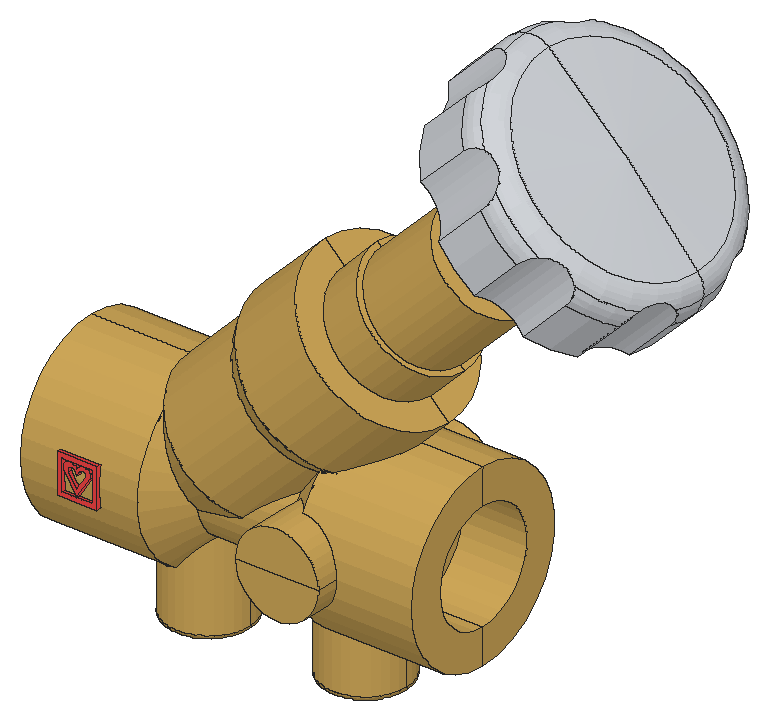
Revit family "Absperrventil 4125 D", category Rohrzubehör, Revit 2020
Family settings
  Bemaßung runder Anschluss = Durchmesser verwenden
  Teiletyp = Unterbricht
  OmniClass-Nummer = 23.65.55.14
  OmniClass-Titel = Valves for Liquid Services
  Arbeitsebenenbasiert = Nein
  Immer vertikal = Ja
  Beim Laden mit Abzugskörper schneiden = Nein
  Gemeinsam genutzt = Nein
Parameters
  W01 = 45.00°  # constant formula
  Vorgabe-Ansicht = 0.000 mm
  URL = "www.herz-armaturen.at"
  Spindel = "Messing CW617N\r"  # constant formula
  SW01 = 60.00°  # constant formula
  SCRNSEQ = "ARM;ARM_TYP=\"ABSV\";2"
  SCRNCODE = "05;07;02"  # constant formula
  S03 = 60.000 mm  # constant formula
  S02 [instance] = L06 + L09 + L12 + L15  # 113.800 mm
  S01 [instance] = R01 * 2  # 41.000 mm
  R12 [instance] = R01 - 1.000 mm  # 19.500 mm
  R11 [instance] = size_lookup("4125D_", "R11", 1.000 mm, Nennweite)  # 6.000 mm
  R100 = 1.000 mm  # constant formula
  R10 [instance] = size_lookup("4125D_", "R10", 1.000 mm, Nennweite)  # 9.000 mm
  R09 [instance] = size_lookup("4125D_", "R9", 1.000 mm, Nennweite)  # 12.750 mm
  R08 [instance] = size_lookup("4125D_", "R8", 1.000 mm, Nennweite)  # 14.000 mm
  R07 [instance] = size_lookup("4125D_", "R7", 1.000 mm, Nennweite)  # 20.000 mm
  R06 [instance] = size_lookup("4125D_", "R6", 1.000 mm, Nennweite)  # 17.750 mm
  R05 [instance] = Nennweite / 2  # 12.500 mm
  R04 [instance] = size_lookup("4125D_", "R4", 1.000 mm, Nennweite)  # 9.500 mm
  R03 = 9.500 mm  # constant formula
  R02 [instance] = Nennweite / 2  # 12.500 mm
  R01 [instance] = size_lookup("4125D_", "R1", 1.000 mm, Nennweite)  # 20.500 mm
  Oberteil = "entzinkungsbeständiges Messing CW602N"  # constant formula
  Nennweite [instance] = 25.000 mm
  Medium = "Heizungswasser nach ÖNORM H5195 oder VDI- Richtlinie 2035.\r\nDie Verwendung von Ethylen- oder Propyleneglykol in einem Mischungsverhältnis 25- 50% ist zulässig.\r\nEPDM-Dichtungen können durch Mineralöle und Schmiermittel beeinflusst werden, was zum Versagen der EPDM-Dichtungen führen kann."
  Max.Differenzdruck bei geschlossenen Sitz = 1000000.0 Pa  # constant formula
  Max.Betriebstemperatur = 110 °C  # constant formula
  Max.Betriebsdruck = 2000000.0 Pa  # constant formula
  L16 [instance] = L01 / 2  # 13.500 mm
  L15 [instance] = size_lookup("4125D_", "L15", 1.000 mm, Nennweite)  # 12.400 mm
  L14 [instance] = size_lookup("4125D_", "L14", 1.000 mm, Nennweite)  # 12.000 mm
  L12 [instance] = size_lookup("4125D_", "L12", 1.000 mm, Nennweite)  # 43.400 mm
  L11 [instance] = size_lookup("4125D_", "L11", 1.000 mm, Nennweite)  # 22.400 mm
  L10 [instance] = size_lookup("4125D_", "L10", 1.000 mm, Nennweite)  # 11.000 mm
  L09 [instance] = size_lookup("4125D_", "L9", 1.000 mm, Nennweite)  # 19.500 mm
  L08 [instance] = size_lookup("4125D_", "L8", 1.000 mm, Nennweite)  # 34.000 mm
  L07 [instance] = size_lookup("4125D_", "L7", 1.000 mm, Nennweite)  # 18.000 mm
  L06 [instance] = size_lookup("4125D_", "L6", 1.000 mm, Nennweite) - L09  # 38.500 mm
  L05 [instance] = size_lookup("4125D_", "L5", 1.000 mm, Nennweite)  # 25.500 mm
  L04 [instance] = size_lookup("4125D_", "L4", 1.000 mm, Nennweite)  # 25.500 mm
  L03 = 15.000 mm  # constant formula
  L02 [instance] = size_lookup("4125D_", "L2", 1.000 mm, Nennweite)  # 11.000 mm
  L01 [instance] = size_lookup("4125D_", "L1", 1.000 mm, Nennweite)  # 27.000 mm
  L00 [instance] = size_lookup("4125D_", "L", 1.000 mm, Nennweite)  # 90.000 mm
  Kegel = "entzinkungsbeständiges Messing CW602N"  # constant formula
  Hersteller = "HERZ Armaturen Ges.m.b.H."  # constant formula
  Handrad = "Polyamide"  # constant formula
  H01 [instance] = size_lookup("4125D_", "H1", 1.000 mm, Nennweite)  # 32.000 mm
  Gehäuse = "entzinkungsbeständiges Gussmessing CC752S"  # constant formula
  Dichtungen = "EPDM"  # constant formula
  DN80 [instance] = Nennweite = 80.000 mm  # no
  DN65 [instance] = Nennweite = 65.000 mm  # no
  DN50 [instance] = Nennweite = 50.000 mm  # no
  DN40 [instance] = Nennweite = 40.000 mm  # no
  DN32 [instance] = Nennweite = 32.000 mm  # no
  DN25-DN80 [instance] = or(Nennweite = 25.000 mm, Nennweite = 32.000 mm, Nennweite = 40.000 mm, Nennweite = 50.000 mm, Nennweite = 65.000 mm, Nennweite = 80.000 mm)  # yes
  DN25 [instance] = Nennweite = 25.000 mm  # yes
  DN20 [instance] = Nennweite = 20.000 mm  # no
  DN15 [instance] = Nennweite = 15.000 mm  # no
  Bestellnummer [instance] = size_lookup("4125D_", "Artnr", 0, Nennweite)  # 1412563
  Ausführung = "STRÖMAX-D-Absperrventile in Schrägsitzform, gelbe Ausführung,\r\nMuffe x Muffe, mit langen Gewindemuffen, nichtsteigender Spindel,\r\nSpindelabdichtung durch elastischen Doppel-O-Ring."
  Anwendungsgebiet = "Zuverlässiges Absperren von Leitungen in Heiz- und Kühlanalgen."
Reference planes
  plane 1 "Mitte (Vorne/hinten)": y = 0
  plane 2: z = 0
  plane 3 "Mitte (Links/rechts)": x = 0
Forms (mm)
  Revolve 1, solid, material "Messing, weicher Gelbton, geschweißt", detail levels fine
    sketch origin (470, 0, 0) x (1, 0, 0) y (0, 0, 1)
      loop
        line (-515, 12.5) -> (-500, 12.5) -> (-500, 0) -> (-440, 0) -> (-440, 12.5) -> (-425, 12.5) -> (-425, 20.5) -> (-452, 20.5) -> (-459, 12.5) -> (-481, 12.5) -> (-488, 20.5) -> (-515, 20.5) -> (-515, 12.5)
      axis (-515, 0) -> (-425, 0)
    angle from 0 to 360
  Revolve 2, solid, material "Messing, weicher Gelbton, geschweißt", detail levels fine
    sketch origin (470, 0, 0) x (1, 0, 0) y (0, 0, 1)
      loop
        line (-497.5, 0) -> (-497.5, -31)
        arc (-497.5, -31) -> (-497.207, -31.707) -> (-496.5, -32) r 1
        line (-496.5, -32) -> (-488, -32) -> (-488, 0) -> (-497.5, 0)
      axis (-488, 0) -> (-488, -32)
    angle from 0 to 360
  Revolve 3, solid, material "Messing, weicher Gelbton, geschweißt", detail levels fine
    sketch origin (0, 0, 0) x (1, 0, 0) y (0, 1, 0)
      loop
        line (18, -25.5) -> (27.5, -25.5) -> (27.5, 25.5) -> (18, 25.5) -> (18, -25.5)
      axis (18, -25.5) -> (18, 25.5)
    angle from 0 to 360
  Revolve 4, solid, material "Messing, weicher Gelbton, geschweißt", visible <- "DN25-DN80", detail levels fine
    sketch origin (-470, 0, 0) x (-1, 0, 0) y (0, 0, 1)
      loop
        line (-497.5, 0) -> (-497.5, -31)
        arc (-497.5, -31) -> (-497.207, -31.707) -> (-496.5, -32) r 1
        line (-496.5, -32) -> (-488, -32) -> (-488, 0) -> (-497.5, 0)
      axis (-488, 0) -> (-488, -32)
    angle from 0 to 360
  Revolve 5, solid, material "Messing, weicher Gelbton, geschweißt", detail levels fine
    sketch origin (0.32, 0, -0.105) x (1, 0, 0) y (0, 0, 1)
      loop
        line (-18.32, 0) -> (62.149, 80.469) -> (57.906, 84.711) -> (49.138, 75.943) -> (47.017, 78.065) -> (39.946, 70.994) -> (37.294, 73.645) -> (21.455, 57.806) -> (20.571, 58.69) -> (12.793, 50.912) -> (8.55, 55.154) -> (-5.239, 41.366) -> (-6.83, 36.593) -> (-22.386, 21.036) -> (-27.159, 8.839) -> (-18.32, 0)
      axis (-18.32, 0) -> (62.149, 80.469)
    angle from 0 to 360
Lines and regions (mm)
  model lines, detail levels coarse+medium
    curve 1: line (-45, 0, 20.5) -> (-45, 0, -20.5)
    curve 2: line (-45, 0, -20.5) -> (45, 0, 20.5)
    curve 3: line (45, 0, 20.5) -> (45, 0, -20.5)
    curve 4: line (45, 0, -20.5) -> (-45, 0, 20.5)
    curve 5: line (0, 0, 0) -> (56.9, 0, 98.554)
    curve 6: line (30.919, 0, 113.554) -> (82.881, 0, 83.554)
    curve 7: line (-45, -20.5, 0) -> (-45, 20.5, 0)
    curve 8: line (-45, 20.5, 0) -> (45, -20.5, 0)
    curve 9: line (45, -20.5, 0) -> (45, 20.5, 0)
    curve 10: line (45, 20.5, 0) -> (-45, -20.5, 0)
    curve 11: line (0, 0, 0) -> (56.9, 98.554, 0)
    curve 12: line (30.919, 113.554, 0) -> (82.881, 83.554, 0)
Dimensions and locks
  "H01": plane 2 to Revolve 2 sketch curve
  "L00": Revolve 1 sketch curve to Revolve 1 sketch curve
  equal spacing: Revolve 1 sketch curve, plane 3 "Mitte (Links/rechts)", Revolve 1 sketch curve
  "R01": Revolve 1 sketch curve to Revolve 1 sketch curve  (x2)
  "R02": Revolve 1 sketch curve to Revolve 1 sketch curve  (x3)
  "L01": Revolve 1 sketch curve to Revolve 1 sketch curve  (x2)
  "L02": plane 3 "Mitte (Links/rechts)" to Revolve 1 sketch curve
  "L02": Revolve 1 sketch curve to plane 3 "Mitte (Links/rechts)"
  "L03": Revolve 1 sketch curve to Revolve 1 sketch curve  (x2)
  "L01": Revolve 1 to Revolve 2 sketch curve
  "R03": Revolve 2 sketch curve to Revolve 2 sketch curve
  "L01": Revolve 4 sketch curve to Revolve 1
  "R03": Revolve 4 sketch curve to Revolve 4 sketch curve
  "H01": plane 2 to Revolve 4 sketch curve
  "L04": Revolve 3 sketch curve to plane 1 "Mitte (Vorne/hinten)"
  "L05": plane 1 "Mitte (Vorne/hinten)" to Revolve 3 sketch curve
  "R04": Revolve 3 sketch curve to Revolve 3 sketch curve
  "L01": Revolve 3 sketch curve to Revolve 1
  "R07": Revolve 5 sketch curve to Revolve 5 sketch curve
  "L07": plane 3 "Mitte (Links/rechts)" to Revolve 5 sketch curve
  "R05": Revolve 5 sketch curve to Revolve 5 sketch curve
  "L06": Revolve 5 sketch curve to Revolve 5 sketch curve
  "L08": Revolve 5 sketch curve to Revolve 5 sketch curve
  "R06": Revolve 5 sketch curve to Revolve 5 sketch curve
  "L14": Revolve 5 sketch curve to Revolve 5 sketch curve
  "L09": Revolve 5 sketch curve to Revolve 5 sketch curve
  "R08": Revolve 5 sketch curve to Revolve 5 sketch curve
  "L10": Revolve 5 sketch curve to Revolve 5 sketch curve
  "R09": Revolve 5 sketch curve to Revolve 5 sketch curve
  "R10": Revolve 5 sketch curve to Revolve 5 sketch curve
  "L12": Revolve 5 sketch curve to Revolve 5 sketch curve
  "R11": Revolve 5 sketch curve to Revolve 5 sketch curve
  "L15": Revolve 5 sketch curve to Revolve 5 sketch curve
  "L11": Revolve 5 sketch curve to Revolve 5 sketch curve
  "R12": nested 9 to plane 1 "Mitte (Vorne/hinten)"
  "L16": Revolve 1 to nested 9
  equal spacing: curve 1, plane 3 "Mitte (Links/rechts)", curve 3
  "L00": curve 1 to curve 3
  equal spacing: curve 4, plane 2, curve 2
  "S01": curve 4 to curve 1
  "S01": curve 3 to curve 4
  equal spacing: curve 3, plane 2, curve 4
  "S02": curve 5 to curve 5
  equal spacing: curve 6, curve 5, curve 6
  "S03": curve 6 to curve 6
  equal spacing: curve 7, plane 3 "Mitte (Links/rechts)", curve 9
  "L00": curve 7 to curve 9
  equal spacing: curve 10, plane 1 "Mitte (Vorne/hinten)", curve 8
  "S01": curve 8 to curve 10
  equal spacing: curve 9, plane 1 "Mitte (Vorne/hinten)", curve 10
  "S01": curve 10 to curve 9
  "S02": curve 11 to curve 11
  equal spacing: curve 12, curve 11, curve 12
  "S03": curve 12 to curve 12
  "R100": radius of Revolve 2 sketch curve
  "R100": radius of Revolve 4 sketch curve
  "W01": angle plane 2 to Revolve 5 sketch curve
  "W01": angle level to Revolve 5 sketch curve
  "SW01": angle plane 2 to curve 5
  "SW01": angle plane 1 "Mitte (Vorne/hinten)" to curve 11
  aligned and locked: level to plane 2
Automatic sketch dimensions
  curve 5 to level = 0.000 mm
  plane 1 "Mitte (Vorne/hinten)" to curve 11 = 0.000 mm
  Revolve 1 sketch curve to level = 0.000 mm  (x2)
  Revolve 1 sketch curve to Revolve 1 sketch curve = 791.990 mm
  Revolve 1 sketch curve to Revolve 1 sketch curve = 2278.983 mm
  Revolve 2 sketch curve to level = 0.000 mm  (x2)
  Revolve 2 sketch curve to Revolve 2 sketch curve = 0.000 mm
  Revolve 2 sketch curve to Revolve 2 sketch curve = 0.292 mm
  Revolve 3 sketch curve to Revolve 3 sketch curve = 0.000 mm  (x3)
  Revolve 4 sketch curve to level = 0.000 mm  (x2)
  Revolve 4 sketch curve to Revolve 4 sketch curve = 0.000 mm
  Revolve 4 sketch curve to Revolve 4 sketch curve = 0.292 mm
  Revolve 5 sketch curve to level = 0.105 mm
  Revolve 5 sketch curve to Revolve 5 sketch curve = 0.000 mm  (x2)
Nested families
  nested 1: "Strömax-Handrad_Schrägsitz" at (42.584, 0, 54.979), visible <- "DN15", type "Strömax-Handrad_Schrägsitz", detail levels fine
    with Nennweite 0.000 mm, Gewicht 0.00 kg, Bestellnummer 0
  nested 2: "Strömax-Handrad_Schrägsitz" at (54.312, 0, 67.707), visible <- "DN20", type "Strömax-Handrad_Schrägsitz", detail levels fine
    with Nennweite 0.000 mm, Gewicht 0.00 kg, Bestellnummer 0
  nested 3: "Strömax-Handrad_Schrägsitz" at (62.469, 0, 80.364), visible <- "DN25", type "Strömax-Handrad_Schrägsitz", detail levels fine
    with Nennweite 0.000 mm, Gewicht 0.00 kg, Bestellnummer 0
  nested 4: "Strömax-Handrad_Schrägsitz" at (71.712, 0, 91.607), visible <- "DN32", type "Strömax-Handrad_Schrägsitz", detail levels fine
    with Nennweite 0.000 mm, Gewicht 0.00 kg, Bestellnummer 0
  nested 5: "Strömax-Handrad_Schrägsitz" at (80.399, 0, 101.294), visible <- "DN40", type "Strömax-Handrad_Schrägsitz", detail levels fine
    with Nennweite 0.000 mm, Gewicht 0.00 kg, Bestellnummer 0
  nested 6: "Strömax-Handrad_Schrägsitz" at (97.83, 0, 129.225), visible <- "DN50", type "Strömax-Handrad_Schrägsitz", detail levels fine
    with Nennweite 0.000 mm, Gewicht 0.00 kg, Bestellnummer 0
  nested 7: "Strömax-Handrad_Schrägsitz" at (114.482, 0, 149.378), visible <- "DN65", type "Strömax-Handrad_Schrägsitz", detail levels fine
    with Nennweite 0.000 mm, Gewicht 0.00 kg, Bestellnummer 0
  nested 8: "Strömax-Handrad_Schrägsitz" at (140.423, 0, 183.319), visible <- "DN80", type "Strömax-Handrad_Schrägsitz", detail levels fine
    with Nennweite 0.000 mm, Gewicht 0.00 kg, Bestellnummer 0
  nested 9: "Herz-Logo-vorne" at (-31.5, -20.232, 0) x (0, 1, 0) z (0, 0, 1), type "Herz-Logo-vorne", detail levels fine
Connectors
  piping at (-30, 0, 0), diameter 25, driven by "Nennweite"
    settings: on Revolve 1, index 1, connector inside diameter 609.6 mm, connector length 0.000 mm, flow factor 0, pipe flow 0.0 L/s, pressure drop 0.0 Pa, fitting loss kfactor 0, connector angle 0.00°, fixture units 0, engagement length 0.000 mm, angle of deflection 0.00°, flow configuration 0, flow direction 1, fitting loss method 0, system type 29, joint type 0, gender type 0, connector reference index -1, connector utility 0, adjustable connector no, is connector primary yes, connector description ""
  piping at (30, 0, 0), diameter 25, driven by "Nennweite"
    settings: on Revolve 1, index 2, connector inside diameter 609.6 mm, connector length 0.000 mm, flow factor 0, pipe flow 0.0 L/s, pressure drop 0.0 Pa, fitting loss kfactor 0, connector angle 0.00°, fixture units 0, engagement length 0.000 mm, angle of deflection 0.00°, flow configuration 0, flow direction 2, fitting loss method 0, system type 29, joint type 0, gender type 0, connector reference index -1, connector utility 0, adjustable connector no, is connector primary no, connector description ""
Definition of nested family "Strömax-Handrad_Schrägsitz"
  Parameters (values of type "Strömax-Handrad_Schrägsitz")
    Default Elevation = 0.000 mm
    URL = "www.herz-armaturen.at"
    Nennweite [instance] = 0.000 mm
    Manufacturer = "Herz Armaturen GmbH"  # constant formula
    Gewicht [instance] = 0.00 kg
    Bestellnummer [instance] = 0
  Reference planes
    plane 1 "Mitte (Vorne/hinten)": y = 0
    plane 2: z = 0
    plane 3 "Mitte (Links/rechts)": x = 0
  Forms (mm)
    Revolve 1, solid
      sketch origin (0, 0, 0) x (0.707107, 0, -0.707107) y (0.707107, 0, 0.707107)
        loop
          line (0, 0) -> (0, 22)
          arc (0, 22) -> (-12.15, 21.705) -> (-24.271, 20.819) r 250
          arc (-24.271, 20.819) -> (-26.831, 19.959) -> (-28.754, 18.063) r 6
          arc (-28.754, 18.063) -> (-29.682, 16.008) -> (-30, 13.776) r 8
          line (-30, 13.776) -> (-30, 0) -> (0, 0)
        axis (0, 22) -> (0, 0)
      angle from 0 to 360
    Extrusion 2, void
      sketch origin (0, 0, 0) x (0.707107, 0, -0.707107) y (0, 1, 0)
        loop
          circle (14.351, -34.645) r 10
      from 0 to 22
    Extrusion 3, void
      sketch origin (0, 0, 0) x (-0.707107, 0, 0.707107) y (0, -1, 0)
        loop
          circle (14.351, 34.645) r 10
      from 0 to 22
    Extrusion 4, void
      sketch origin (0, 0, 0) x (0, -1, 0) y (0.707107, 0, -0.707107)
        loop
          circle (14.351, 34.645) r 10
      from 0 to 22
    Extrusion 5, void
      sketch origin (0, 0, 0) x (0, 1, 0) y (-0.707107, 0, 0.707107)
        loop
          circle (14.351, -34.645) r 10
      from 0 to 22
    Extrusion 6, void
      sketch origin (0, 0, 0) x (0, -1, 0) y (0.707107, 0, -0.707107)
        loop
          circle (14.351, -34.645) r 10
      from 0 to 22
    Extrusion 7, void
      sketch origin (0, 0, 0) x (0, 1, 0) y (-0.707107, 0, 0.707107)
        loop
          circle (14.351, 34.645) r 10
      from 0 to 22
    Extrusion 8, void
      sketch origin (0, 0, 0) x (0.707107, 0, -0.707107) y (0, 1, 0)
        loop
          circle (14.351, 34.645) r 10
      from 0 to 22
    Extrusion 9, void
      sketch origin (0, 0, 0) x (-0.707107, 0, 0.707107) y (0, -1, 0)
        loop
          circle (14.351, -34.645) r 10
      from 0 to 22
  Cuts and joins
    Extrusion 2, Extrusion 3, Extrusion 4, Extrusion 5, Extrusion 6, Extrusion 7, Extrusion 8, Extrusion 9 cuts Revolve 1
  Dimensions and locks
    aligned and locked: level to plane 2
Definition of nested family "Herz-Logo-vorne"
  Parameters (values of type "Herz-Logo-vorne")
    Default Elevation = 0.000 mm
  Reference planes
    plane 1 "Mitte (Vorne/hinten)": y = 0
    plane 2: z = 0
    plane 3 "Mitte (Links/rechts)": x = 0
  Forms (mm)
    Extrusion 1, solid
      sketch origin (0.732, -0.018, 0.017) x (0, -1, 0) y (0, 0, 1)
        loop
          line (-0.018, -4.517) -> (4.482, -4.517) -> (4.482, 4.483) -> (-4.518, 4.483) -> (-4.518, -4.517) -> (-0.018, -4.517)
        loop
          line (-0.05, -3.48) -> (3.482, -3.48) -> (3.482, 3.483) -> (-3.518, 3.483) -> (-3.518, -3.48) -> (-0.05, -3.48)
        loop
          arc (-0.018, 2.383) -> (-1.543, 3.287) -> (-3.067, 2.383) r 1.738
          arc (-3.067, 2.383) -> (-3.191, 1.899) -> (-3.067, 1.415) r 1.009
          line (-3.067, 1.415) -> (-0.018, -3.281) -> (3.032, 1.415)
          arc (3.032, 1.415) -> (3.156, 1.899) -> (3.032, 2.383) r 1.009
          arc (3.032, 2.383) -> (1.507, 3.287) -> (-0.018, 2.383) r 1.738
        loop
          arc (1.885, 1.272) -> (2.005, 1.675) -> (1.885, 2.079) r 0.74
          arc (1.885, 2.079) -> (1.265, 2.416) -> (0.644, 2.079) r 0.74
          line (0.644, 2.079) -> (-0.018, 0.97) -> (-0.679, 2.079)
          arc (-0.679, 2.079) -> (-1.3, 2.416) -> (-1.921, 2.079) r 0.74
          arc (-1.921, 2.079) -> (-2.04, 1.675) -> (-1.921, 1.272) r 0.74
          line (-1.921, 1.272) -> (-0.018, -1.658) -> (1.885, 1.272)
      from 0 to 1.5
  Dimensions and locks
    aligned and locked: level to plane 2
